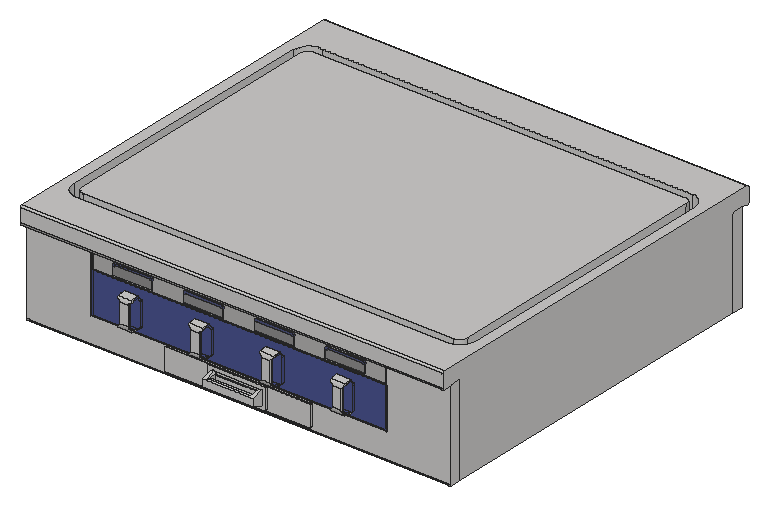
Revit family "QF_ELECTROLUXPROFESSIONAL_589130_MCTCAAJOAO", category Specialty Equipment, Revit 2018
Family settings
  Round Connector Dimension = Use Diameter
  Part Type = Normal
  Work Plane-Based = No
  Always vertical = Yes
  Cut with Voids When Loaded = No
  Shared = No
  Room Calculation Point = No
Parameters
  Weight in Pounds = 352.73
  Watts = 16000 VA  # 16000 W
  Volts = 400 V  # constant formula
  URL Cutsheet = ""
  Type Mark [instance] = ""
  Status [instance] = ""
  Specification by User [instance] = ""
  Specification by Manufacturer = ""
  Show Clearance [instance] = yes
  Serial Number = ""
  Seismic Rating = ""
  SMACNA No = ""
  Revision Code [instance] = ""
  Phase = 3  # constant formula
  Omniclass Number and Title = ""
  Number of Poles [instance] = 1
  NAFEM Spec ID Number = ""
  Model = "589130"
  Min Ckt Ampacity = 0 A
  Max Overcurrent Protection = 0 A
  Masterspec = ""
  Manufacturer = "ELECTROLUX"
  Item Number [instance] = ""
  Installed By [instance] = ""
  Identify Quantity as Lot [instance] = yes
  HP = "21.5 HP"
  Furnished By [instance] = ""
  Foodservice Equipment Identifier [instance] = yes
  FL Amps [instance] = if(Phase = 3, Watts / (Volts * 1.73), Watts / Volts)  # 23.1214 A
  Electrical Remarks = "400 V/3N ph/50/60 Hz"  # constant formula
  Electric Connection Type [instance] = ""
  Elec Conn RI Height [instance] = 0 mm
  Elec Conn Connection Height [instance] = 0 mm
  Direct Waste Size = 0"
  Description = "EL.FREE COOKING TOP,1-SIDE,1000X900X250H"
  Cycle [instance] = if([60 Hertz Option], 60 Hz, 50 Hz)  # 60 Hz
  Conn Plug = ""
  Conn Conduit = yes
  CSI MasterFormat = ""
  CSI Master Format = ""
  Back Panel [instance] = yes
  Apparent Power [instance] = if(Phase = 3, Volts * FL Amps * 1.73, Volts * FL Amps)  # 16000 VA
  60 Hertz Option [instance] = not([50 Hertz Option])  # yes
  50 Hertz Option [instance] = no
Reference planes
  plane 1 "BACK": y = 0
  plane 2: z = 0
  plane 3 "LEFT": x = 0
  plane 4 "RIGHT": x = 1000
  plane 5 "FRONT": y = -900
  plane 6 "TOP": z = 250
  plane 7: x = 500
  plane 8: y = -450
  plane 9: y = -1330
  plane 10: x = 955
Forms (mm)
  Extrusion 1, solid, material "QF_Finishes_Stainless Steel"
    sketch origin (0, -487.128, 0) x (0, 1, 0) y (0, 0, 1)
      loop
        line (483.128, 250) -> (-408.872, 250)
        arc (-408.872, 250) -> (-411.7, 248.828) -> (-412.872, 246) r 4
        line (-412.872, 246) -> (-412.872, 214)
        arc (-412.872, 214) -> (-411.437, 210.931) -> (-408.161, 210.064) r 4
        line (-408.161, 210.064) -> (-392.872, 213) -> (-367.872, 213) -> (-367.872, 0) -> (441.128, 0) -> (441.128, 213) -> (465.765, 213) -> (482.433, 210.061)
        arc (482.433, 210.061) -> (485.699, 210.936) -> (487.128, 214) r 4
        line (487.128, 214) -> (487.128, 246)
        arc (487.128, 246) -> (485.956, 248.828) -> (483.128, 250) r 4
    from 0 to 1000
  Extrusion 2, solid, material "QF_Finishes_Stainless Steel", visible <- "Back Panel"
    sketch origin (0, 0, 0) x (0, 1, 0) y (0, 0, 1)
      loop
        line (-46, 0) -> (-20, 0) -> (-20, 213) -> (-46, 213) -> (-46, 0)
    from 0 to 1000
  Extrusion 3, void
    sketch origin (653.786, 44.048, 250) x (1, 0, 0) y (0, -1, 0)
      loop
        line (-590.636, 133.048) -> (283.064, 133.048)
        arc (283.064, 133.048) -> (310.04, 144.222) -> (321.214, 171.198) r 38.15
        line (321.214, 171.198) -> (321.214, 816.572)
        arc (321.214, 816.572) -> (309.944, 843.779) -> (282.737, 855.048) r 38.476
        line (282.737, 855.048) -> (-591.786, 855.048)
        arc (-591.786, 855.048) -> (-617.949, 844.211) -> (-628.786, 818.048) r 37
        line (-628.786, 818.048) -> (-628.786, 171.198)
        arc (-628.786, 171.198) -> (-617.613, 144.222) -> (-590.636, 133.048) r 38.15
    from 0 to 37
  Extrusion 4, solid, material "QF_Finishes_Stainless Steel"
    sketch origin (0, -854, 0) x (1, 0, 0) y (0, -1, 0)
      loop
        circle (955, -169) r 6.35
    from 0 to 3.2
  Extrusion 5, solid, material "QF_Door-Drawer Clearances", visible <- "Show Clearance", detail levels coarse
    sketch origin (537.31, -882.593, 8.62) x (0, 0, 1) y (-1, 0, 0)
      loop
        line (1.973, -134.295) -> (49.317, -134.295)
        arc (49.317, -134.295) -> (50.776, -133.691) -> (51.38, -132.232) r 2.063
        line (51.38, -132.232) -> (51.38, 206.852)
        arc (51.38, 206.852) -> (50.88, 208.549) -> (49.541, 209.705) r 3.133
        line (49.541, 209.705) -> (3.067, 209.705)
        arc (3.067, 209.705) -> (0.898, 208.807) -> (0, 206.638) r 3.067
        line (0, 206.638) -> (0, -132.322)
        arc (0, -132.322) -> (0.578, -133.717) -> (1.973, -134.295) r 1.973
    from 0 to 447.407
  Extrusion 6, solid, material "QF_Finishes_Stainless Steel"
    sketch origin (653.786, 44.048, 213) x (1, 0, 0) y (0, 1, 0)
      loop
        line (-608.786, -171.198) -> (-608.786, -816.898)
        arc (-608.786, -816.898) -> (-603.47, -829.732) -> (-590.636, -835.048) r 18.15
        line (-590.636, -835.048) -> (283.064, -835.048)
        arc (283.064, -835.048) -> (295.898, -829.732) -> (301.214, -816.898) r 18.15
        line (301.214, -816.898) -> (301.214, -171.198)
        arc (301.214, -171.198) -> (295.898, -158.364) -> (283.064, -153.048) r 18.15
        line (283.064, -153.048) -> (-590.636, -153.048)
        arc (-590.636, -153.048) -> (-603.47, -158.364) -> (-608.786, -171.198) r 18.15
    from 0 to 37
Cuts and joins
  Extrusion 3 cuts Extrusion 1
Lines and regions (mm)
  symbolic lines
    curve 1: line (25, -774, 0) -> (25, -127.15, 0)
    curve 2: arc (25, -127.15, 0) -> (36.174, -100.174, 0) -> (63.15, -89, 0) r 38.15
    curve 3: line (63.15, -89, 0) -> (936.85, -89, 0)
    curve 4: arc (936.85, -89, 0) -> (963.826, -100.174, 0) -> (975, -127.15, 0) r 38.15
    curve 5: line (975, -127.15, 0) -> (975, -772.524, 0)
    curve 6: arc (975, -772.524, 0) -> (963.731, -799.731, 0) -> (936.524, -811, 0) r 38.476
    curve 7: line (936.524, -811, 0) -> (62, -811, 0)
    curve 8: arc (62, -811, 0) -> (35.837, -800.163, 0) -> (25, -774, 0) r 37
    curve 9: line (0, 0, 0) -> (1000, 0, 0)
    curve 10: line (0, -900, 0) -> (0, 0, 0)
    curve 11: line (1000, -900, 0) -> (0, -900, 0)
    curve 12: line (1000, 0, 0) -> (1000, -900, 0)
  symbolic lines, style "QF_Door-Drawer Clearances"
    curve 13: line (671.605, -1330, 0) -> (671.605, -900, 0)
    curve 14: line (671.605, -1330, 0) -> (327.605, -1330, 0)
    curve 15: line (327.605, -1330, 0) -> (327.605, -900, 0)
  symbolic lines, style "SpecialityEquipment"
    curve 16: line (955, -772.85, 0) -> (955, -127.15, 0)
    curve 17: arc (955, -127.15, 0) -> (949.684, -114.316, 0) -> (936.85, -109, 0) r 18.15
    curve 18: line (936.85, -109, 0) -> (63.15, -109, 0)
    curve 19: arc (63.15, -109, 0) -> (50.316, -114.316, 0) -> (45, -127.15, 0) r 18.15
    curve 20: line (45, -127.15, 0) -> (45, -772.85, 0)
    curve 21: arc (45, -772.85, 0) -> (50.316, -785.684, 0) -> (63.15, -791, 0) r 18.15
    curve 22: line (63.15, -791, 0) -> (936.85, -791, 0)
    curve 23: arc (936.85, -791, 0) -> (949.684, -785.684, 0) -> (955, -772.85, 0) r 18.15
Dimensions and locks
  plane 3 "LEFT" to plane 4 "RIGHT" = 1000 mm
  plane 5 "FRONT" to plane 1 "BACK" = 900 mm
  equal spacing: plane 3 "LEFT", plane 7, plane 4 "RIGHT"
  equal spacing: plane 5 "FRONT", plane 8, plane 1 "BACK"
  plane 6 "TOP" to level = 250 mm  (x2)
  plane 1 "BACK" to plane 5 "FRONT" = 900 mm
  Extrusion 4 sketch curve to plane 1 "BACK" = 685 mm
  Extrusion 4 sketch curve to plane 4 "RIGHT" = 45 mm
  plane 5 "FRONT" to plane 9 = 430 mm
  plane 1 "BACK" to Extrusion 4 = 685 mm
  plane 10 to plane 4 "RIGHT" = 45 mm
  aligned and locked: level to plane 2
  aligned and locked: plane 7 to nested 1
  aligned and locked: Extrusion 5 to plane 9
  aligned and locked: Extrusion 1 to plane 4 "RIGHT"
Automatic sketch dimensions
  Extrusion 2 sketch curve to Extrusion 2 sketch curve = 26 mm
  plane 1 "BACK" to Extrusion 2 sketch curve = 20 mm
  Extrusion 1 sketch curve to plane 5 "FRONT" = 0 mm
  Extrusion 1 sketch curve to plane 6 "TOP" = 0 mm
  Extrusion 1 sketch curve to level = 0 mm
  Extrusion 1 sketch curve to plane 1 "BACK" = 0 mm
  Extrusion 1 sketch curve to plane 6 "TOP" = 37 mm  (x2)
  Extrusion 1 sketch curve to plane 5 "FRONT" = 4 mm
  Extrusion 1 sketch curve to plane 5 "FRONT" = 20 mm
  Extrusion 1 sketch curve to plane 5 "FRONT" = 45 mm
  plane 1 "BACK" to Extrusion 1 sketch curve = 21.363 mm
  plane 1 "BACK" to Extrusion 1 sketch curve = 4 mm  (x2)
  Extrusion 1 sketch curve to Extrusion 1 sketch curve = 4 mm
  Extrusion 1 sketch curve to Extrusion 1 sketch curve = 0.711 mm
  plane 1 "BACK" to Extrusion 1 sketch curve = 4.695 mm
  Extrusion 1 sketch curve to Extrusion 1 sketch curve = 0 mm  (x2)
  Extrusion 1 sketch curve to Extrusion 1 sketch curve = 1 mm  (x2)
  plane 1 "BACK" to Extrusion 1 sketch curve = 46 mm
  Extrusion 5 sketch curve to nested 1 = 1.973 mm
  Extrusion 5 sketch curve to nested 1 = 2.853 mm
  Extrusion 5 sketch curve to nested 1 = 1.839 mm
  Extrusion 1 to Extrusion 3 sketch curve = 25 mm  (x2)
  Extrusion 1 to Extrusion 3 sketch curve = 85 mm
  Extrusion 3 sketch curve to Extrusion 3 sketch curve = 37 mm
  Extrusion 3 sketch curve to Extrusion 3 sketch curve = 38.15 mm
  Extrusion 1 to Extrusion 3 sketch curve = 63.476 mm
  Extrusion 1 to Extrusion 3 sketch curve = 63.15 mm
  Extrusion 1 to Extrusion 3 sketch curve = 123.15 mm
  Extrusion 6 sketch curve to Extrusion 3 = 20 mm  (x3)
  Extrusion 6 sketch curve to Extrusion 3 = 38.15 mm  (x5)
  curve 2 to curve 19 = 0 mm  (x2)
  curve 4 to curve 17 = 0 mm  (x2)
  curve 12 to plane 4 "RIGHT" = 0 mm
  curve 16 to plane 10 = 0 mm
  plane 9 to curve 13 = 0 mm
  curve 11 to plane 3 "LEFT" = 0 mm
  plane 1 "BACK" to curve 12 = 0 mm
  plane 5 "FRONT" to curve 11 = 0 mm
  curve 5 to plane 10 = 20 mm
  plane 10 to curve 18 = 18.15 mm
  plane 10 to curve 22 = 18.15 mm
  plane 10 to curve 7 = 18.476 mm
  plane 10 to curve 13 = 283.395 mm
  curve 15 to plane 7 = 172.395 mm
  plane 3 "LEFT" to curve 22 = 63.15 mm
  plane 3 "LEFT" to curve 18 = 63.15 mm
  curve 22 to curve 7 = 1.15 mm
  curve 8 to curve 20 = 17 mm
  plane 1 "BACK" to curve 3 = 89 mm
  curve 5 to plane 5 "FRONT" = 127.476 mm
  curve 20 to curve 8 = 1.15 mm
  Extrusion 2 sketch curve to level = 0 mm
  Extrusion 2 sketch curve to plane 6 "TOP" = 37 mm
  radius of Extrusion 4 sketch curve = 6.35 mm
  radius of Extrusion 5 sketch curve to nested 1 = 0 mm  (x2)
Nested families
  nested 1: "EG_900_1000_Four Front Panel with Center Grease Trap" at (202.376, -855, -650), type "EG_900_1000_Four Front Panel with Center Grease Trap"
Connectors
  electrical at (955, -685, -3.2), driven by "Volts", driven by "Watts"
    settings: on Extrusion 4, index 1, voltage 400 V, apparent load 16000 VA, apparent load phase1 0 VA, apparent load phase2 0 VA, apparent load phase3 0 VA, power factor 1, load classification "Other", number of poles 1, system type 30, power factor state 1, is connector primary yes, connector utility no, sub classification motor no, connector description "ELECTRICAL CONNECTION"
Definition of nested family "EG_900_1000_Four Front Panel with Center Grease Trap"
  Reference planes
    plane 1 "Center (Front/Back)": y = 0
    plane 2: z = 0
    plane 3 "Center (Left/Right)": x = 297.624
    plane 4: x = -202.376
    plane 5: x = 797.624
    plane 6: y = -45
  Forms (mm)
    Extrusion 1, solid
      sketch origin (833.217, 829.203, -1.25) x (0, 1, 0) y (0, 0, 1)
        loop
          arc (-854.203, 654.25) -> (-853.324, 652.129) -> (-851.203, 651.25) r 3
          line (-851.203, 651.25) -> (-829.203, 651.25) -> (-829.203, 864.25) -> (-854.203, 864.25) -> (-854.203, 654.25)
      from -1035.593 to -35.593
    Extrusion 2, void
      sketch origin (33.217, 829.203, -1.25) x (1, 0, 0) y (0, 0, 1)
        loop
          line (-85.593, 855.116) -> (-85.593, 713.116) -> (614.407, 713.116) -> (614.407, 855.116) -> (-85.593, 855.116)
      from 848.59 to 854.203
  Cuts and joins
    Extrusion 2 cuts Extrusion 1
  Dimensions and locks
    equal spacing: plane 5, plane 3 "Center (Left/Right)", plane 4
    plane 5 to plane 4 = 1000 mm
    aligned and locked: cut or joined group of Extrusion 1, Extrusion 2 to plane 4
    aligned and locked: plane 5 to cut or joined group of Extrusion 1, Extrusion 2
    aligned and locked: plane 3 "Center (Left/Right)" to nested 2
    aligned and locked: cut or joined group of Extrusion 1, Extrusion 2 to nested 2
    aligned and locked: plane 3 "Center (Left/Right)" to nested 3
  Automatic sketch dimensions
    Extrusion 1 sketch curve to plane 1 "Center (Front/Back)" = 0 mm
    plane 1 "Center (Front/Back)" to Extrusion 1 sketch curve = 22 mm
    Extrusion 1 sketch curve to Extrusion 1 sketch curve = 3 mm
    level to Extrusion 1 sketch curve = 650 mm
    Extrusion 1 sketch curve to Extrusion 1 sketch curve = 210 mm
    plane 4 to Extrusion 2 sketch curve = 150 mm
    Extrusion 2 sketch curve to plane 5 = 150 mm
    level to Extrusion 2 sketch curve = 711.866 mm
    Extrusion 2 sketch curve to Extrusion 2 sketch curve = 142 mm
  Nested families
    nested 1: "Range Control Handle" at (46.32, -28.137, -209.113) x (-1, 0, 0) z (0, 0, 1), type "Range Control Handle"
    nested 2: "glass conrol panel" at (297.624, 280.644, 2.752), type "glass conrol panel"
    nested 3: "grease trap door" at (365.223, -25, 0.608) x (-1, 0, 0) z (0, 0, 1), type "grease trap door"
    nested 4: "Range Control Handle" at (213.82, -28.137, -209.113) x (-1, 0, 0) z (0, 0, 1), type "Range Control Handle"
    nested 5: "Range Control Handle" at (381.32, -28.137, -209.113) x (-1, 0, 0) z (0, 0, 1), type "Range Control Handle"
    nested 6: "Range Control Handle" at (548.82, -28.137, -209.113) x (-1, 0, 0) z (0, 0, 1), type "Range Control Handle"
  Definition of nested family "Range Control Handle"
    Reference planes
      plane 1 "Center (Front/Back)": y = 0
      plane 2: z = 0
      plane 3 "Center (Left/Right)": x = 0
      plane 4: z = 971.092
      plane 5: y = -16.9
    Forms (mm)
      Extrusion 1, solid
        sketch origin (-746.28, 380.497, 208.931) x (-1, 0, 0) y (0, 0, 1)
          loop
            line (-770.101, 786.798) -> (-770.101, 731.649)
            arc (-770.101, 731.649) -> (-769.759, 730.563) -> (-768.855, 729.87) r 1.893
            line (-768.855, 729.87) -> (-763.474, 727.911) -> (-729.81, 727.911) -> (-724.428, 729.87)
            arc (-724.428, 729.87) -> (-723.525, 730.563) -> (-723.183, 731.649) r 1.893
            line (-723.183, 731.649) -> (-723.183, 786.798)
            arc (-723.183, 786.798) -> (-723.529, 787.894) -> (-724.44, 788.593) r 1.91
            line (-724.44, 788.593) -> (-729.683, 790.819) -> (-763.601, 790.819) -> (-768.844, 788.593)
            arc (-768.844, 788.593) -> (-769.755, 787.894) -> (-770.101, 786.798) r 1.91
        from -382.35 to -378.852
      Sweep 2, solid
        path origin (-746.788, 380.496, 208.091) x (0, -1, 0) y (0, 0, 1)
          loop
            line (379.775, 793.281) -> (395.661, 791.048)
            arc (395.661, 791.048) -> (397.781, 787.377) -> (398.517, 783.202) r 12.207
            line (398.517, 783.202) -> (398.517, 737.368)
            arc (398.517, 737.368) -> (397.781, 733.193) -> (395.661, 729.522) r 12.207
            line (395.661, 729.522) -> (379.775, 727.289)
        profile origin (-746.788, -7.222, 1000.256) x (0, -0.139173, 0.990268) y (-1, 0, 0)
          loop
            line (0.782, -763.123) -> (0.782, -730.907) -> (-1.322, -730.907) -> (-1.322, -763.123) -> (0.782, -763.123)
      Sweep 3, solid
        path origin (-746.788, 380.715, 207.832) x (0, -1, 0) y (0, 0, 1)
          loop
            line (380.478, 795.442) -> (397.218, 793.09)
            arc (397.218, 793.09) -> (399.929, 788.473) -> (400.871, 783.202) r 15.207
            line (400.871, 783.202) -> (400.871, 737.584)
            arc (400.871, 737.584) -> (399.914, 732.274) -> (397.164, 727.633) r 15.207
            line (397.164, 727.633) -> (380.601, 725.305)
        profile origin (-746.788, -8.132, 1002.099) x (0, -0.139173, 0.990268) y (-1, 0, 0)
          loop
            line (0.782, -763.123) -> (0.782, -730.907) -> (-1.322, -730.907) -> (-1.322, -763.123) -> (0.782, -763.123)
      Extrusion 4, void
        sketch origin (889.253, 220.666, 207.993) x (1, 0, 0) y (0, 0, 1)
          loop
            line (-943.038, 816.854) -> (-943.038, 703.686) -> (-899.466, 734.196) -> (-899.466, 786.344) -> (-943.038, 816.854)
        from 230.636 to 242.25
      Extrusion 5, void
        sketch origin (-888.8, 220.666, 207.993) x (-1, 0, 0) y (0, 0, -1)
          loop
            line (-943.038, -816.854) -> (-899.466, -786.344) -> (-899.466, -734.196) -> (-943.038, -703.686) -> (-943.038, -816.854)
        from 230.636 to 242.25
      Extrusion 6, solid
        sketch origin (0, 0, 0) x (1, 0, 0) y (0, 0, 1)
          loop
            circle (0, 971.092) r 7.736
        from -3.137 to -1.645
    Cuts and joins
      Extrusion 4, Extrusion 5 cuts Sweep 3
      Extrusion 4, Extrusion 5 cuts Sweep 2
      joined: Extrusion 1, Extrusion 6
    Lines and regions (mm)
      symbolic lines
        curve 1: line (16.334, -16.9, 0) -> (16.334, -19.227, 0)
        curve 2: spline (16.334, -19.227, 0) -> (15.87, -19.385, 0) -> (15.404, -19.536, 0) -> (14.936, -19.678, 0) -> (14.466, -19.813, 0) -> (13.995, -19.94, 0) -> (13.523, -20.059, 0) -> (13.049, -20.171, 0) -> (12.575, -20.274, 0) -> (12.099, -20.37, 0) -> (11.622, -20.458, 0) -> (11.144, -20.537, 0) -> (10.666, -20.609, 0)
        curve 3: line (10.666, -16.9, 0) -> (10.666, -20.938, 0)
        curve 4: line (-10.213, -20.938, 0) -> (10.666, -20.938, 0)
        curve 5: line (-10.213, -20.938, 0) -> (-10.213, -16.9, 0)
        curve 6: spline (-10.213, -20.609, 0) -> (-10.691, -20.537, 0) -> (-11.169, -20.458, 0) -> (-11.646, -20.37, 0) -> (-12.122, -20.274, 0) -> (-12.597, -20.171, 0) -> (-13.07, -20.059, 0) -> (-13.542, -19.94, 0) -> (-14.013, -19.813, 0) -> (-14.483, -19.678, 0) -> (-14.951, -19.536, 0) -> (-15.417, -19.385, 0) -> (-15.881, -19.227, 0)
        curve 7: line (-15.881, -19.227, 0) -> (-15.881, -16.9, 0)
  Definition of nested family "glass conrol panel"
    Reference planes
      plane 1 "Center (Front/Back)": y = 0
      plane 2: z = 0
      plane 3 "Center (Left/Right)": x = 0
    Forms (mm)
      Extrusion 1, solid
        sketch origin (378.286, 0, 0.617) x (1, 0, 0) y (0, 0, 1)
          loop
            line (-728.286, 806.791) -> (-728.286, 708.497) -> (-28.286, 708.497) -> (-28.286, 806.791) -> (-728.286, 806.791)
        from 300.031 to 304.8
      Extrusion 2, solid
        sketch origin (378.286, 0, 0.617) x (1, 0, 0) y (0, 0, 1)
          loop
            line (-728.286, 850.497) -> (-728.286, 806.791) -> (-28.286, 806.791) -> (-28.286, 850.497) -> (-728.286, 850.497)
        from 300.031 to 304.8
      Extrusion 3, void
        sketch origin (378.286, 0, 0.617) x (1, 0, 0) y (0, 0, 1)
          loop
            line (-725.628, 847.565) -> (-725.628, 710.699) -> (-31.196, 710.699) -> (-31.196, 847.565) -> (-725.628, 847.565)
        from 303.697 to 304.8
      Extrusion 4, solid
        sketch origin (-392.059, 1.101, -0.633) x (-1, 0, 0) y (0, 0, -1)
          loop
            line (-261.431, -812.62) -> (-355.186, -812.62) -> (-355.186, -834.177) -> (-350.269, -834.177) -> (-348.469, -835.977) -> (-268.039, -835.977) -> (-266.24, -834.177) -> (-261.431, -834.177) -> (-261.431, -812.62)
        from 304.798 to 306.745
      Extrusion 5, solid
        sketch origin (-392.059, 1.101, -0.633) x (-1, 0, 0) y (0, 0, -1)
          loop
            line (-350.269, -834.177) -> (-355.078, -834.177)
            arc (-355.078, -834.177) -> (-353.942, -838.747) -> (-349.686, -840.763) r 5.5
            line (-349.686, -840.763) -> (-266.98, -840.763)
            arc (-266.98, -840.763) -> (-262.706, -838.752) -> (-261.529, -834.177) r 5.549
            line (-261.529, -834.177) -> (-266.24, -834.177) -> (-268.039, -835.977) -> (-348.469, -835.977) -> (-350.269, -834.177)
        from 304.798 to 306.745
      Extrusion 6, solid
        sketch origin (392.059, 1.101, -0.633) x (1, 0, 0) y (0, 0, 1)
          loop
            line (-261.431, 812.62) -> (-261.431, 834.177) -> (-266.24, 834.177) -> (-268.039, 835.977) -> (-348.469, 835.977) -> (-350.269, 834.177) -> (-355.186, 834.177) -> (-355.186, 812.62) -> (-261.431, 812.62)
        from 304.798 to 306.745
      Extrusion 7, solid
        sketch origin (392.059, 1.101, -0.633) x (1, 0, 0) y (0, 0, 1)
          loop
            line (-350.269, 834.177) -> (-348.469, 835.977) -> (-268.039, 835.977) -> (-266.24, 834.177) -> (-261.529, 834.177)
            arc (-261.529, 834.177) -> (-262.706, 838.752) -> (-266.98, 840.763) r 5.549
            line (-266.98, 840.763) -> (-349.686, 840.763)
            arc (-349.686, 840.763) -> (-353.942, 838.747) -> (-355.078, 834.177) r 5.5
            line (-355.078, 834.177) -> (-350.269, 834.177)
        from 304.798 to 306.745
      Extrusion 8, solid
        sketch origin (-559.559, 1.101, -0.633) x (-1, 0, 0) y (0, 0, -1)
          loop
            line (-261.431, -812.62) -> (-355.186, -812.62) -> (-355.186, -834.177) -> (-350.269, -834.177) -> (-348.469, -835.977) -> (-268.039, -835.977) -> (-266.24, -834.177) -> (-261.431, -834.177) -> (-261.431, -812.62)
        from 304.798 to 306.745
      Extrusion 9, solid
        sketch origin (-559.559, 1.101, -0.633) x (-1, 0, 0) y (0, 0, -1)
          loop
            line (-350.269, -834.177) -> (-355.078, -834.177)
            arc (-355.078, -834.177) -> (-353.942, -838.747) -> (-349.686, -840.763) r 5.5
            line (-349.686, -840.763) -> (-266.98, -840.763)
            arc (-266.98, -840.763) -> (-262.706, -838.752) -> (-261.529, -834.177) r 5.549
            line (-261.529, -834.177) -> (-266.24, -834.177) -> (-268.039, -835.977) -> (-348.469, -835.977) -> (-350.269, -834.177)
        from 304.798 to 306.745
      Extrusion 10, solid
        sketch origin (559.559, 1.101, -0.633) x (1, 0, 0) y (0, 0, 1)
          loop
            line (-261.431, 812.62) -> (-261.431, 834.177) -> (-266.24, 834.177) -> (-268.039, 835.977) -> (-348.469, 835.977) -> (-350.269, 834.177) -> (-355.186, 834.177) -> (-355.186, 812.62) -> (-261.431, 812.62)
        from 304.798 to 306.745
      Extrusion 11, solid
        sketch origin (559.559, 1.101, -0.633) x (1, 0, 0) y (0, 0, 1)
          loop
            line (-350.269, 834.177) -> (-348.469, 835.977) -> (-268.039, 835.977) -> (-266.24, 834.177) -> (-261.529, 834.177)
            arc (-261.529, 834.177) -> (-262.706, 838.752) -> (-266.98, 840.763) r 5.549
            line (-266.98, 840.763) -> (-349.686, 840.763)
            arc (-349.686, 840.763) -> (-353.942, 838.747) -> (-355.078, 834.177) r 5.5
            line (-355.078, 834.177) -> (-350.269, 834.177)
        from 304.798 to 306.745
    Cuts and joins
      Extrusion 3 cuts Extrusion 1
      Extrusion 3 cuts Extrusion 2
    Dimensions and locks
      aligned and locked: Extrusion 1 to Extrusion 2
      aligned and locked: Extrusion 5 sketch curve to Extrusion 4  (x5)
      aligned and locked: Extrusion 5 to Extrusion 4
      aligned and locked: Extrusion 7 sketch curve to Extrusion 6  (x4)
      aligned and locked: Extrusion 6 to Extrusion 7 sketch curve
      aligned and locked: Extrusion 7 to Extrusion 6
      aligned and locked: Extrusion 9 sketch curve to Extrusion 8  (x5)
      aligned and locked: Extrusion 9 to Extrusion 8
      aligned and locked: Extrusion 11 sketch curve to Extrusion 10  (x4)
      aligned and locked: Extrusion 10 to Extrusion 11 sketch curve
      aligned and locked: Extrusion 11 to Extrusion 10
  Definition of nested family "grease trap door"
    Reference planes
      plane 1 "Center (Front/Back)": y = 0
      plane 2: z = 0
      plane 3 "Center (Left/Right)": x = 0
      plane 4: y = -20
    Forms (mm)
      Extrusion 1, solid
        sketch origin (1627.55, 854.203, -1.25) x (1, 0, 0) y (0, 0, 1)
          loop
            arc (-1627.55, 661.235) -> (-1626.972, 659.84) -> (-1625.577, 659.262) r 1.973
            line (-1625.577, 659.262) -> (-1494.325, 659.262)
            arc (-1494.325, 659.262) -> (-1492.156, 660.16) -> (-1491.258, 662.329) r 3.067
            line (-1491.258, 662.329) -> (-1491.258, 708.803)
            arc (-1491.258, 708.803) -> (-1492.414, 710.143) -> (-1494.111, 710.642) r 3.133
            line (-1494.111, 710.642) -> (-1625.486, 710.642)
            arc (-1625.486, 710.642) -> (-1626.945, 710.038) -> (-1627.55, 708.579) r 2.063
            line (-1627.55, 708.579) -> (-1627.55, 661.235)
        from 856.795 to 859.203
      Extrusion 2, solid
        sketch origin (445.874, 2476.61, 0) x (0, 1, 0) y (0, 0, 1)
          loop
            line (-2506.377, 675.273) -> (-2481.61, 667.505) -> (-2481.61, 700.995) -> (-2506.377, 693.227) -> (-2506.377, 675.273)
        from -437.68 to -317.68
      Extrusion 3, void
        sketch origin (1627.55, 854.203, -1.25) x (1, 0, 0) y (0, 0, 1)
          loop
            line (-1614.883, 703) -> (-1610.542, 695.433) -> (-1508.17, 695.433) -> (-1503.828, 703) -> (-1614.883, 703)
          loop
            line (-1614.883, 668) -> (-1502.669, 668) -> (-1507.01, 675.567) -> (-1610.542, 675.567) -> (-1614.883, 668)
        from 832.916 to 883.97
      Extrusion 4, void
        sketch origin (447.55, 854.203, -1.25) x (1, 0, 0) y (0, 0, 1)
          loop
            line (-430.542, 695.433) -> (-430.542, 675.567) -> (-328.17, 675.567) -> (-328.17, 695.433) -> (-430.542, 695.433)
        from 859.203 to 874.202
      Extrusion 5, solid
        sketch origin (1627.55, 854.203, -1.25) x (1, 0, 0) y (0, 0, 1)
          loop
            arc (-1731.556, 661.235) -> (-1730.978, 659.84) -> (-1729.583, 659.262) r 1.973
            line (-1729.583, 659.262) -> (-1390.623, 659.262)
            arc (-1390.623, 659.262) -> (-1388.454, 660.16) -> (-1387.556, 662.329) r 3.067
            line (-1387.556, 662.329) -> (-1387.556, 708.803)
            arc (-1387.556, 708.803) -> (-1388.712, 710.143) -> (-1390.409, 710.642) r 3.133
            line (-1390.409, 710.642) -> (-1729.493, 710.642)
            arc (-1729.493, 710.642) -> (-1730.952, 710.038) -> (-1731.556, 708.579) r 2.063
            line (-1731.556, 708.579) -> (-1731.556, 661.235)
        from 854.203 to 856.795
    Cuts and joins
      Extrusion 3 cuts Extrusion 1
      Extrusion 3, Extrusion 4 cuts Extrusion 2
      joined: Extrusion 1, Extrusion 2
    Lines and regions (mm)
      model lines
        curve 1: line (67.599, 0, 658.012) -> (67.599, 0, 709.392)
      symbolic lines
        curve 2: line (8.194, -20, 0) -> (8.194, -29.767, 0)
        curve 3: line (8.194, -29.767, 0) -> (128.194, -29.767, 0)
        curve 4: line (128.194, -29.767, 0) -> (128.194, -20, 0)
    Dimensions and locks
      aligned and locked: Extrusion 2 to Extrusion 1
      aligned and locked: Extrusion 3 to Extrusion 2
      aligned and locked: Extrusion 4 to Extrusion 1
